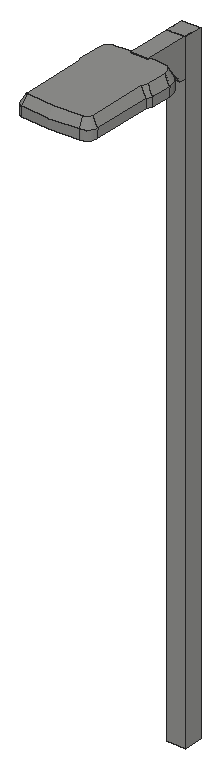
Revit family "VP-2-ADU", category Lighting Fixtures, host Face, Revit 2019
Family settings
  Host = Face
  Round Connector Dimension = Use Diameter
  Part Type = Normal
  OmniClass Number = 23.80.70.11.14.17
  OmniClass Title = Direct/Indirect
  Cut with Voids When Loaded = No
  Light Source = No
  Shared = Yes
  Room Calculation Point = No
Parameters (values of type "VP-2-ADU")
  Wattage Comments = "168 W"
  Warranty = "Five year warranty"  # constant formula
  Voltage = 120 V
  URL = "https://www.currentlighting.com/beacon"
  Type Comments = "Lighting Fixture"  # constant formula
  Size-2 = SIZE2-ADU : SIZE2-ADU
  Product Page URL = "https://www.currentlighting.com/outdoor-lighting/viper-area-size-2/9606404"
  Product Documentation Link = "https://cdn.currentlighting.com/site/specsheet/BEA_VIPERSPEC.pdf"
  Power Factor = 0.9
  Pole Width Mounting [instance] = Pole Size - 0.25"  # 3.25"
  Pole Height [instance] = 120.00"
  Name = "Viper Area Size 2"  # constant formula
  Model = "VP-2-ADU"
  Matt Grey = MATT GREY
  Matt Black = Matt Black
  Manufacturer = "Current Lighting"  # constant formula
  Load Classification = Lighting
  Light Output = 12704.00 cd/m²
  Lamp = "LED"  # constant formula
  Grey = Grey
  Glass = Glass
  Pole Size [instance] = 3.50"
  Features = "Featuring two different optical technologies, Micro Strike and Strike Optics, which provide the best distribution patterns for retrofit or new construction\r\nVibration rated for high vibration applications including bridges and overpasses\r\nControl options including photo control, occupancy sensing, NX Lighting Controls, wiSCAPE and 7-Pin with networked controls\r\nMounting options include: Arm, Universal Arm, Adjustable Arm, Mast Arm, Decorative Arm, Knuckle, Trunnion, Wall\r\nDistribution options include: Auto Front Row, Type 2, Type 3, Type 4 Forward, Type 4 Wide, Type 5 Narrow, Type 5 Medium, Type 5 Wide, Type 5 Rectangular, Corner Optic, and Tennis Court\r\n\r\n"  # constant formula
  Copyright = "© 2022 Current Lighting"  # constant formula
  Cool Grey = Cool Grey
  Contact Us = "https://www.currentlighting.com/contact-us"
  Certification = "UL"  # constant formula
  Description = "The Viper is an extremely versatile area/site luminaire which blends design, performance, and technology for a variety of applications."  # constant formula
  Default Elevation = 48.00"
  Finish = Arctic White
  Matt White = Matt White
  CRI = "70"  # constant formula
  Brand = "Beacon"  # constant formula
  Assembly Code = "D5020200"
  Apparent Load = 168 VA
Reference planes (in)
  plane 1 "Center (Front/Back)": y = 6.16697
  plane 2: z = 0
  plane 3 "Center (Left/Right)": x = 0
  plane 4: z = 3.75
  plane 5: z = -4.44
  plane 6: x = -1.75
  plane 7: x = 1.75
  plane 8: y = 4.41697
  plane 9: y = 7.91697
  plane 10: z = 120
Forms (in)
  Extrusion 1, solid, material "Cool Grey" <- "Cool Grey"
    sketch origin (0, 0, 0) x (1, 0, 0) y (0, 1, 0)
      loop
        line (-1.75, 7.91697) -> (-1.75, 4.41697) -> (1.75, 4.41697) -> (1.75, 7.91697) -> (-1.75, 7.91697)
    from 0 to 120
Lines and regions (in)
  reference lines
    curve 1: line (0, 14.42606, -3.25) -> (0, 17.42606, -0.25)
    curve 2: line (0, -2.09213, -3.25) -> (0, 14.42606, -3.25)
    curve 3: line (0, -5.09213, -0.25) -> (0, -2.09213, -3.25)
    curve 4: line (0, 14.42606, -3.25) -> (0, 17.42606, -0.25)
    curve 5: line (0, -5.09213, -0.25) -> (0, 17.42606, -0.25)
    curve 6: line (0, 17.17606, -0.77432) -> (0, 17.92606, -0.77432)
    curve 7: line (0, 17.17606, -1.52432) -> (0, 17.17606, -0.77432)
    curve 8: line (0, 16.69614, -1.52432) -> (0, 17.17606, -1.52432)
    curve 9: line (0, 14.92606, -4.25) -> (0, 16.69614, -1.52432)
    curve 10: line (0, -4.3622, -1.52432) -> (0, -2.59213, -4.25)
    curve 11: line (0, -4.84213, -1.52432) -> (0, -4.3622, -1.52432)
    curve 12: line (0, -4.84213, -0.77432) -> (0, -4.84213, -1.52432)
    curve 13: line (0, -5.59213, -0.77432) -> (0, -4.84213, -0.77432)
Dimensions and locks (in)
  plane 4 to plane 2 = 3.75"
  "Pole Size": plane 8 to plane 9
  equal spacing: plane 8, plane 1 "Center (Front/Back)", plane 9
  equal spacing: plane 6, plane 3 "Center (Left/Right)", plane 7
  "Pole Size": plane 6 to plane 7
  "Pole Height": plane 10 to plane 2
  aligned and locked: plane 2 to host face
  aligned and locked: level to host face
  aligned and locked: plane 10 to Extrusion 1
  aligned and locked: plane 3 "Center (Left/Right)" to nested 1
  aligned and locked: plane 9 to Extrusion 1 sketch curve
  aligned and locked: plane 6 to Extrusion 1 sketch curve
  aligned and locked: Extrusion 1 sketch curve to plane 8
  aligned and locked: Extrusion 1 sketch curve to plane 7
  aligned and locked: nested 1 to plane 10
Automatic sketch dimensions
  host sketch curve to host sketch curve = 96.00"
  host sketch curve to host sketch curve = 85.00"
  curve 3 to level = 0.25"
  plane 8 to curve 3 = 9.50909"
  curve 3 to curve 12 = 0.25"
  curve 11 to curve 11 = 0.47992"
  curve 2 to plane 5 = 1.19"
  curve 10 to curve 2 = 2.27008"
  curve 1 to plane 9 = 6.50909"
  curve 9 to level = 1.52432"
  curve 1 to curve 9 = 2.27008"
  curve 8 to curve 8 = 0.47992"
  curve 6 to curve 4 = 0.25"
  curve 10 to curve 3 = 1.27432"
  curve 7 to curve 1 = 0.52432"
  curve 12 to curve 3 = 0.52432"
  curve 13 to curve 3 = 0.50"
  curve 10 to plane 5 = 0.19"
  curve 10 to curve 2 = 0.50"
  curve 9 to plane 5 = 0.19"
  curve 1 to curve 9 = 0.50"
  curve 1 to curve 6 = 0.50"
Nested families (in)
  nested 1: "SIZE2-ADU" at (0, 4.41697, 118.26) x (1, 0, 0) z (0, -1, 0), type <- "Size-2", type "SIZE2-ADU"
    with Mounting Base Width 3.25"
Connectors (in)
  electrical at (0, 6.16697, 0), driven by "Power Factor", driven by "Apparent Load", driven by "Voltage"
    settings: on Extrusion 1, index 1, voltage 120 V, apparent load 168 VA, apparent load phase1 0 VA, apparent load phase2 0 VA, apparent load phase3 0 VA, power factor 0.9, load classification "Other", number of poles 1, system type 30, power factor state 1, is connector primary yes, connector utility no, sub classification motor no, connector description "Light Fixture"
Definition of nested family "SIZE2-ADU"
  Parameters (values of type "SIZE2-ADU")
    Width = 14.38"
    Wattage = 168 W
    built-in parameter 1150110 = 1 (stored number, unit not read)
    built-in parameter 1114217 = 1 (stored number, unit not read)
    Tilt Angle = 160.00°
    built-in parameter 1150109 = 1 (stored number, unit not read)
    built-in parameter 1150134 = 3
    built-in parameter 1150113 = 1 (stored number, unit not read)
    Photometric Web File = "VP-2-320L-170-3K7-4-BC.ies"
    Mounting Base Width = 3.00"
    Mount Length = 7.50"
    built-in parameter 1150105 = 1016 (stored number, unit not read)
    Lumens = 12768 lm
    built-in parameter 1150115 = 1 (stored number, unit not read)
    built-in parameter 1150137 = (empty or 0)
    built-in parameter 1150139 = (empty or 0)
    Length = 21.88"
    built-in parameter 1150112 = 1 (stored number, unit not read)
    built-in parameter 1150114 = 1 (stored number, unit not read)
    built-in parameter 1150132 = (empty or 0)
    built-in parameter 1150102 = (empty or 0)
    built-in parameter 1150107 = 3200 (stored number, unit not read)
    built-in parameter 1150138 = (empty or 0)
    built-in parameter 1150106 = 10.16 (stored number, unit not read)
    Glass = none
    Fixture = none
    built-in parameter 1150104 = 7.0606 (stored number, unit not read)
    Dimming Lamp Color Temperature Shift = (empty or 0)
    Default Elevation = 48.00"
    Color Filter = 16777215
    built-in parameter 1114218 = 1 (stored number, unit not read)
    built-in parameter 1150133 = 10 (stored number, unit not read)
  Reference planes (in)
    plane 1 "Center (Front/Back)": y = 0
    plane 2: z = 0
    plane 3 "Center (Left/Right)": x = 0
    plane 4: x = 7.19
    plane 5: x = -7.19
    plane 6: z = 7.5
    plane 7: z = 29.38
    plane 8: y = -1.74
    plane 9: y = 1.74
    plane 10: x = -1.5
    plane 11: x = 1.5
  Forms (in)
    Extrusion 1, solid
      sketch origin (0, 0, 0) x (1, 0, 0) y (0, 1, 0)
        loop
          line (-48, 48) -> (-48, -48) -> (48, -48) -> (48, 48) -> (-48, 48)
      from 0 to -12
    Extrusion 2, solid, material <- "Fixture"
      sketch origin (0, 0, 2.5) x (1, 0, 0) y (0, 0, 1)
        loop
          line (-6.90972, 13.22202) -> (-7.315, 12.17799) -> (-7.315, 8.14521)
          arc (-7.315, 8.14521) -> (-6.65907, 6.18733) -> (-4.95604, 5.01974) r 3.25
          arc (-4.95604, 5.01974) -> (0, 4.60164) -> (4.95604, 5.01974) r 29.58274
          arc (4.95604, 5.01974) -> (6.65907, 6.18733) -> (7.315, 8.14521) r 3.25
          line (7.315, 8.14521) -> (7.315, 12.17799) -> (6.8775, 13.30502) -> (6.8775, 24.46879)
          arc (6.8775, 24.46879) -> (6.31653, 25.85775) -> (4.9483, 26.46754) r 2
          arc (4.9483, 26.46754) -> (-0.47287, 26.80918) -> (-5.88692, 26.36884) r 37.73107
          arc (-5.88692, 26.36884) -> (-6.62058, 25.93919) -> (-6.90972, 25.13966) r 1.25
          line (-6.90972, 25.13966) -> (-6.90972, 13.22202)
      from 0 to 1.74
    Extrusion 3, void
      sketch origin (0, 0, 3.625) x (1, 0, 0) y (0, 0, 1)
        loop
          line (-5.94707, 9.88637) -> (-5.94707, 8.88637)
          arc (-5.94707, 8.88637) -> (-0.00354, 7.88584) -> (5.94, 8.88637) r 18.15382
          line (5.94, 8.88637) -> (5.94, 9.88637)
          arc (5.94, 9.88637) -> (-0.00354, 8.88584) -> (-5.94707, 9.88637) r 18.15382
        loop
          line (-5.85535, 7.87828) -> (-5.85535, 7.60486)
          arc (-5.85535, 7.60486) -> (0.0002, 6.63584) -> (5.85535, 7.60727) r 18.15382
          line (5.85535, 7.60727) -> (5.85535, 7.88068)
          arc (5.85535, 7.88068) -> (0.0002, 6.91466) -> (-5.85535, 7.87828) r 18.25
        loop
          line (-5.85535, 7.12828) -> (-5.85535, 6.85486)
          arc (-5.85535, 6.85486) -> (0.0002, 5.88584) -> (5.85535, 6.85727) r 18.15382
          line (5.85535, 6.85727) -> (5.85535, 7.13068)
          arc (5.85535, 7.13068) -> (0.0002, 6.16466) -> (-5.85535, 7.12828) r 18.25
      from 1 to 1.75
    Blend 4, solid, material <- "Fixture"
      base sketch origin (0, 0, 2.5) x (1, 0, 0) y (0, 0, 1)
        loop
          arc (6.8775, 24.46879) -> (6.31653, 25.85775) -> (4.9483, 26.46754) r 2
          arc (4.9483, 26.46754) -> (-0.47287, 26.80918) -> (-5.88692, 26.36884) r 37.73107
          arc (-5.88692, 26.36884) -> (-6.62058, 25.93919) -> (-6.90972, 25.13966) r 1.25
          line (-6.90972, 25.13966) -> (-6.90972, 13.22202) -> (-7.315, 12.17799) -> (-7.315, 8.14521)
          arc (-7.315, 8.14521) -> (-6.65907, 6.18733) -> (-4.95604, 5.01974) r 3.25
          arc (-4.95604, 5.01974) -> (0, 4.60164) -> (4.95604, 5.01974) r 29.58274
          arc (4.95604, 5.01974) -> (6.65907, 6.18733) -> (7.315, 8.14521) r 3.25
          line (7.315, 8.14521) -> (7.315, 12.17799) -> (6.8775, 13.30502) -> (6.8775, 24.46879)
      top sketch origin (0, 0, 2.5) x (1, 0, 0) y (0, 0, 1)
        loop
          arc (5.8775, 24.46879) -> (5.58249, 25.17801) -> (4.87152, 25.46878) r 1
          arc (4.87152, 25.46878) -> (-0.42416, 25.80959) -> (-5.71369, 25.38377) r 36.73111
          arc (-5.71369, 25.38377) -> (-5.85465, 25.2962) -> (-5.90972, 25.13966) r 0.25
          line (-5.90972, 25.13966) -> (-5.90972, 13.03474) -> (-6.315, 11.99071) -> (-6.315, 8.14521)
          arc (-6.315, 8.14521) -> (-5.87115, 6.80345) -> (-4.71471, 5.99106) r 2.25
          arc (-4.71471, 5.99106) -> (0, 5.59956) -> (4.71471, 5.99106) r 28.58482
          arc (4.71471, 5.99106) -> (5.87115, 6.80345) -> (6.315, 8.14521) r 2.25
          line (6.315, 8.14521) -> (6.315, 11.99071) -> (5.8775, 13.11774) -> (5.8775, 24.46879)
      from 0 to -1.74
    Extrusion 5, void
      sketch origin (0, 0, 2.5) x (1, 0, 0) y (0, 0, 1)
        loop
          arc (-5.91108, 12.63948) -> (0.07704, 12.98149) -> (6.065, 12.63674) r 52.38328
          line (6.065, 12.63674) -> (6.065, 24.56182) -> (-5.91108, 24.56182) -> (-5.91108, 12.63948)
      from 1 to 1.75
    Extrusion 6, solid, material <- "Glass"
      sketch origin (0, 0, 2.25) x (1, 0, 0) y (0, 0, 1)
        loop
          arc (-5.06487, 24.56182) -> (-5.31236, 24.45931) -> (-5.41487, 24.21182) r 0.35
          line (-5.41487, 24.21182) -> (-5.41487, 19.16182)
          arc (-5.41487, 19.16182) -> (-5.31236, 18.91434) -> (-5.06487, 18.81182) r 0.35
          line (-5.06487, 18.81182) -> (5.11803, 18.81182)
          arc (5.11803, 18.81182) -> (5.36552, 18.91434) -> (5.46803, 19.16182) r 0.35
          line (5.46803, 19.16182) -> (5.46803, 24.21182)
          arc (5.46803, 24.21182) -> (5.36552, 24.45931) -> (5.11803, 24.56182) r 0.35
          line (5.11803, 24.56182) -> (-5.06487, 24.56182)
      from 1 to 1.35
    Extrusion 7, solid, material <- "Glass"
      sketch origin (0, 0, 2.25) x (1, 0, 0) y (0, 0, 1)
        loop
          circle (-4.85829, 23.73694) r 0.15
        loop
          circle (-4.33955, 23.73694) r 0.15
        loop
          circle (-3.8208, 23.73694) r 0.15
        loop
          circle (-3.30205, 23.73694) r 0.15
        loop
          circle (-2.7833, 23.73694) r 0.15
        loop
          circle (-2.26455, 23.73694) r 0.15
        loop
          circle (-1.7458, 23.73694) r 0.15
        loop
          circle (-1.22705, 23.73694) r 0.15
        loop
          circle (-0.70831, 23.73694) r 0.15
        loop
          circle (-4.85829, 23.23694) r 0.15
        loop
          circle (-4.33955, 23.23694) r 0.15
        loop
          circle (-3.8208, 23.23694) r 0.15
        loop
          circle (-3.30205, 23.23694) r 0.15
        loop
          circle (-2.7833, 23.23694) r 0.15
        loop
          circle (-2.26455, 23.23694) r 0.15
        loop
          circle (-1.7458, 23.23694) r 0.15
        loop
          circle (-1.22705, 23.23694) r 0.15
        loop
          circle (-0.70831, 23.23694) r 0.15
        loop
          circle (-4.85829, 22.73694) r 0.15
        loop
          circle (-4.33955, 22.73694) r 0.15
        loop
          circle (-3.8208, 22.73694) r 0.15
        loop
          circle (-3.30205, 22.73694) r 0.15
        loop
          circle (-2.7833, 22.73694) r 0.15
        loop
          circle (-2.26455, 22.73694) r 0.15
        loop
          circle (-1.7458, 22.73694) r 0.15
        loop
          circle (-1.22705, 22.73694) r 0.15
        loop
          circle (-0.70831, 22.73694) r 0.15
        loop
          circle (-4.85829, 22.23694) r 0.15
        loop
          circle (-4.33955, 22.23694) r 0.15
        loop
          circle (-3.8208, 22.23694) r 0.15
        loop
          circle (-3.30205, 22.23694) r 0.15
        loop
          circle (-2.7833, 22.23694) r 0.15
        loop
          circle (-2.26455, 22.23694) r 0.15
        loop
          circle (-1.7458, 22.23694) r 0.15
        loop
          circle (-1.22705, 22.23694) r 0.15
        loop
          circle (-0.70831, 22.23694) r 0.15
        loop
          circle (-4.85829, 21.73694) r 0.15
        loop
          circle (-4.33955, 21.73694) r 0.15
        loop
          circle (-3.8208, 21.73694) r 0.15
        loop
          circle (-3.30205, 21.73694) r 0.15
        loop
          circle (-2.7833, 21.73694) r 0.15
        loop
          circle (-2.26455, 21.73694) r 0.15
        loop
          circle (-1.7458, 21.73694) r 0.15
        loop
          circle (-1.22705, 21.73694) r 0.15
        loop
          circle (-0.70831, 21.73694) r 0.15
        loop
          circle (-4.85829, 21.23694) r 0.15
        loop
          circle (-4.33955, 21.23694) r 0.15
        loop
          circle (-3.8208, 21.23694) r 0.15
        loop
          circle (-3.30205, 21.23694) r 0.15
        loop
          circle (-2.7833, 21.23694) r 0.15
        loop
          circle (-2.26455, 21.23694) r 0.15
        loop
          circle (-1.7458, 21.23694) r 0.15
        loop
          circle (-1.22705, 21.23694) r 0.15
        loop
          circle (-0.70831, 21.23694) r 0.15
        loop
          circle (-4.85829, 20.73694) r 0.15
        loop
          circle (-4.33955, 20.73694) r 0.15
        loop
          circle (-3.8208, 20.73694) r 0.15
        loop
          circle (-3.30205, 20.73694) r 0.15
        loop
          circle (-2.7833, 20.73694) r 0.15
        loop
          circle (-2.26455, 20.73694) r 0.15
        loop
          circle (-1.7458, 20.73694) r 0.15
        loop
          circle (-1.22705, 20.73694) r 0.15
        loop
          circle (-0.70831, 20.73694) r 0.15
        loop
          circle (-4.85829, 20.23694) r 0.15
        loop
          circle (-4.33955, 20.23694) r 0.15
        loop
          circle (-3.8208, 20.23694) r 0.15
        loop
          circle (-3.30205, 20.23694) r 0.15
        loop
          circle (-2.7833, 20.23694) r 0.15
        loop
          circle (-2.26455, 20.23694) r 0.15
        loop
          circle (-1.7458, 20.23694) r 0.15
        loop
          circle (-1.22705, 20.23694) r 0.15
        loop
          circle (-0.70831, 20.23694) r 0.15
        loop
          circle (-4.85829, 19.73694) r 0.15
        loop
          circle (-4.33955, 19.73694) r 0.15
        loop
          circle (-3.8208, 19.73694) r 0.15
        loop
          circle (-3.30205, 19.73694) r 0.15
        loop
          circle (-2.7833, 19.73694) r 0.15
        loop
          circle (-2.26455, 19.73694) r 0.15
        loop
          circle (-1.7458, 19.73694) r 0.15
        loop
          circle (-1.22705, 19.73694) r 0.15
        loop
          circle (-0.70831, 19.73694) r 0.15
      from 1.35 to 1.4
    Extrusion 8, solid, material <- "Glass"
      sketch origin (0, 0, 2.25) x (-1, 0, 0) y (0, 0, -1)
        loop
          circle (-4.85829, -23.73694) r 0.15
        loop
          circle (-4.33955, -23.73694) r 0.15
        loop
          circle (-3.8208, -23.73694) r 0.15
        loop
          circle (-3.30205, -23.73694) r 0.15
        loop
          circle (-2.7833, -23.73694) r 0.15
        loop
          circle (-2.26455, -23.73694) r 0.15
        loop
          circle (-1.7458, -23.73694) r 0.15
        loop
          circle (-1.22705, -23.73694) r 0.15
        loop
          circle (-0.70831, -23.73694) r 0.15
        loop
          circle (-4.85829, -23.23694) r 0.15
        loop
          circle (-4.33955, -23.23694) r 0.15
        loop
          circle (-3.8208, -23.23694) r 0.15
        loop
          circle (-3.30205, -23.23694) r 0.15
        loop
          circle (-2.7833, -23.23694) r 0.15
        loop
          circle (-2.26455, -23.23694) r 0.15
        loop
          circle (-1.7458, -23.23694) r 0.15
        loop
          circle (-1.22705, -23.23694) r 0.15
        loop
          circle (-0.70831, -23.23694) r 0.15
        loop
          circle (-4.85829, -22.73694) r 0.15
        loop
          circle (-4.33955, -22.73694) r 0.15
        loop
          circle (-3.8208, -22.73694) r 0.15
        loop
          circle (-3.30205, -22.73694) r 0.15
        loop
          circle (-2.7833, -22.73694) r 0.15
        loop
          circle (-2.26455, -22.73694) r 0.15
        loop
          circle (-1.7458, -22.73694) r 0.15
        loop
          circle (-1.22705, -22.73694) r 0.15
        loop
          circle (-0.70831, -22.73694) r 0.15
        loop
          circle (-4.85829, -22.23694) r 0.15
        loop
          circle (-4.33955, -22.23694) r 0.15
        loop
          circle (-3.8208, -22.23694) r 0.15
        loop
          circle (-3.30205, -22.23694) r 0.15
        loop
          circle (-2.7833, -22.23694) r 0.15
        loop
          circle (-2.26455, -22.23694) r 0.15
        loop
          circle (-1.7458, -22.23694) r 0.15
        loop
          circle (-1.22705, -22.23694) r 0.15
        loop
          circle (-0.70831, -22.23694) r 0.15
        loop
          circle (-4.85829, -21.73694) r 0.15
        loop
          circle (-4.33955, -21.73694) r 0.15
        loop
          circle (-3.8208, -21.73694) r 0.15
        loop
          circle (-3.30205, -21.73694) r 0.15
        loop
          circle (-2.7833, -21.73694) r 0.15
        loop
          circle (-2.26455, -21.73694) r 0.15
        loop
          circle (-1.7458, -21.73694) r 0.15
        loop
          circle (-1.22705, -21.73694) r 0.15
        loop
          circle (-0.70831, -21.73694) r 0.15
        loop
          circle (-4.85829, -21.23694) r 0.15
        loop
          circle (-4.33955, -21.23694) r 0.15
        loop
          circle (-3.8208, -21.23694) r 0.15
        loop
          circle (-3.30205, -21.23694) r 0.15
        loop
          circle (-2.7833, -21.23694) r 0.15
        loop
          circle (-2.26455, -21.23694) r 0.15
        loop
          circle (-1.7458, -21.23694) r 0.15
        loop
          circle (-1.22705, -21.23694) r 0.15
        loop
          circle (-0.70831, -21.23694) r 0.15
        loop
          circle (-4.85829, -20.73694) r 0.15
        loop
          circle (-4.33955, -20.73694) r 0.15
        loop
          circle (-3.8208, -20.73694) r 0.15
        loop
          circle (-3.30205, -20.73694) r 0.15
        loop
          circle (-2.7833, -20.73694) r 0.15
        loop
          circle (-2.26455, -20.73694) r 0.15
        loop
          circle (-1.7458, -20.73694) r 0.15
        loop
          circle (-1.22705, -20.73694) r 0.15
        loop
          circle (-0.70831, -20.73694) r 0.15
        loop
          circle (-4.85829, -20.23694) r 0.15
        loop
          circle (-4.33955, -20.23694) r 0.15
        loop
          circle (-3.8208, -20.23694) r 0.15
        loop
          circle (-3.30205, -20.23694) r 0.15
        loop
          circle (-2.7833, -20.23694) r 0.15
        loop
          circle (-2.26455, -20.23694) r 0.15
        loop
          circle (-1.7458, -20.23694) r 0.15
        loop
          circle (-1.22705, -20.23694) r 0.15
        loop
          circle (-0.70831, -20.23694) r 0.15
        loop
          circle (-4.85829, -19.73694) r 0.15
        loop
          circle (-4.33955, -19.73694) r 0.15
        loop
          circle (-3.8208, -19.73694) r 0.15
        loop
          circle (-3.30205, -19.73694) r 0.15
        loop
          circle (-2.7833, -19.73694) r 0.15
        loop
          circle (-2.26455, -19.73694) r 0.15
        loop
          circle (-1.7458, -19.73694) r 0.15
        loop
          circle (-1.22705, -19.73694) r 0.15
        loop
          circle (-0.70831, -19.73694) r 0.15
      from 1.35 to 1.4
    Extrusion 9, solid, material <- "Glass"
      sketch origin (0, 0, 2.25) x (1, 0, 0) y (0, 0, 1)
        loop
          arc (-5.04655, 24.2409) -> (-5.22333, 24.16768) -> (-5.29655, 23.9909) r 0.25
          line (-5.29655, 23.9909) -> (-5.29655, 19.4909)
          arc (-5.29655, 19.4909) -> (-5.22333, 19.31412) -> (-5.04655, 19.2409) r 0.25
          line (-5.04655, 19.2409) -> (-0.54655, 19.2409)
          arc (-0.54655, 19.2409) -> (-0.36977, 19.31412) -> (-0.29655, 19.4909) r 0.25
          line (-0.29655, 19.4909) -> (-0.29655, 23.9909)
          arc (-0.29655, 23.9909) -> (-0.36977, 24.16768) -> (-0.54655, 24.2409) r 0.25
          line (-0.54655, 24.2409) -> (-5.04655, 24.2409)
      from 1.35 to 1.37213
    Extrusion 10, solid, material <- "Glass"
      sketch origin (0, 0, 2.25) x (-1, 0, 0) y (0, 0, -1)
        loop
          line (-5.04655, -24.2409) -> (-0.54655, -24.2409)
          arc (-0.54655, -24.2409) -> (-0.36977, -24.16768) -> (-0.29655, -23.9909) r 0.25
          line (-0.29655, -23.9909) -> (-0.29655, -19.4909)
          arc (-0.29655, -19.4909) -> (-0.36977, -19.31412) -> (-0.54655, -19.2409) r 0.25
          line (-0.54655, -19.2409) -> (-5.04655, -19.2409)
          arc (-5.04655, -19.2409) -> (-5.22333, -19.31412) -> (-5.29655, -19.4909) r 0.25
          line (-5.29655, -19.4909) -> (-5.29655, -23.9909)
          arc (-5.29655, -23.9909) -> (-5.22333, -24.16768) -> (-5.04655, -24.2409) r 0.25
      from 1.35 to 1.37213
    Extrusion 11, solid, material <- "Fixture"
      sketch origin (0.125, 0, 2.125) x (1, 0, 0) y (0, 1, 0)
        loop
          line (5.34818, -1) -> (5.34818, -1.20146)
          arc (5.34818, -1.20146) -> (5.35492, -1.23973) -> (5.37436, -1.27339) r 0.1119
          line (5.37436, -1.27339) -> (5.73492, -1.70309)
          arc (5.73492, -1.70309) -> (5.76289, -1.72455) -> (5.79732, -1.73219) r 0.08147
          line (5.79732, -1.73219) -> (5.94, -1.73219) -> (5.94, -1) -> (5.34818, -1)
      from 18.55 to 18.65
    Extrusion 12, solid, material <- "Fixture"
      sketch origin (0.125, 0, 1.22261) x (1, 0, 0) y (0, 1, 0)
        loop
          line (5.34818, -1) -> (5.34818, -1.20146)
          arc (5.34818, -1.20146) -> (5.35492, -1.23973) -> (5.37436, -1.27339) r 0.1119
          line (5.37436, -1.27339) -> (5.73492, -1.70309)
          arc (5.73492, -1.70309) -> (5.76289, -1.72455) -> (5.79732, -1.73219) r 0.08147
          line (5.79732, -1.73219) -> (5.94, -1.73219) -> (5.94, -1) -> (5.34818, -1)
      from 18.55 to 18.65
    Extrusion 13, solid, material <- "Fixture"
      sketch origin (0.125, 0, 0.33079) x (1, 0, 0) y (0, 1, 0)
        loop
          line (5.34818, -1) -> (5.34818, -1.20146)
          arc (5.34818, -1.20146) -> (5.35492, -1.23973) -> (5.37436, -1.27339) r 0.1119
          line (5.37436, -1.27339) -> (5.73492, -1.70309)
          arc (5.73492, -1.70309) -> (5.76289, -1.72455) -> (5.79732, -1.73219) r 0.08147
          line (5.79732, -1.73219) -> (5.94, -1.73219) -> (5.94, -1) -> (5.34818, -1)
      from 18.55 to 18.65
    Extrusion 14, solid, material <- "Fixture"
      sketch origin (0.125, 0, -0.56103) x (1, 0, 0) y (0, 1, 0)
        loop
          line (5.34818, -1) -> (5.34818, -1.20146)
          arc (5.34818, -1.20146) -> (5.35492, -1.23973) -> (5.37436, -1.27339) r 0.1119
          line (5.37436, -1.27339) -> (5.73492, -1.70309)
          arc (5.73492, -1.70309) -> (5.76289, -1.72455) -> (5.79732, -1.73219) r 0.08147
          line (5.79732, -1.73219) -> (5.94, -1.73219) -> (5.94, -1) -> (5.34818, -1)
      from 18.55 to 18.65
    Extrusion 15, solid, material <- "Fixture"
      sketch origin (0.125, 0, -1.45181) x (1, 0, 0) y (0, 1, 0)
        loop
          line (5.34818, -1) -> (5.34818, -1.20146)
          arc (5.34818, -1.20146) -> (5.35492, -1.23973) -> (5.37436, -1.27339) r 0.1119
          line (5.37436, -1.27339) -> (5.73492, -1.70309)
          arc (5.73492, -1.70309) -> (5.76289, -1.72455) -> (5.79732, -1.73219) r 0.08147
          line (5.79732, -1.73219) -> (5.94, -1.73219) -> (5.94, -1) -> (5.34818, -1)
      from 18.55 to 18.65
    Extrusion 16, solid, material <- "Fixture"
      sketch origin (-0.125, 0, 2.125) x (-1, 0, 0) y (0, -1, 0)
        loop
          line (5.34818, 1) -> (5.94, 1) -> (5.94, 1.73219) -> (5.79732, 1.73219)
          arc (5.79732, 1.73219) -> (5.76289, 1.72455) -> (5.73492, 1.70309) r 0.08147
          line (5.73492, 1.70309) -> (5.37436, 1.27339)
          arc (5.37436, 1.27339) -> (5.35492, 1.23973) -> (5.34818, 1.20146) r 0.1119
          line (5.34818, 1.20146) -> (5.34818, 1)
      from 18.55 to 18.65
    Extrusion 17, solid, material <- "Fixture"
      sketch origin (-0.125, 0, 1.22261) x (-1, 0, 0) y (0, -1, 0)
        loop
          line (5.34818, 1) -> (5.94, 1) -> (5.94, 1.73219) -> (5.79732, 1.73219)
          arc (5.79732, 1.73219) -> (5.76289, 1.72455) -> (5.73492, 1.70309) r 0.08147
          line (5.73492, 1.70309) -> (5.37436, 1.27339)
          arc (5.37436, 1.27339) -> (5.35492, 1.23973) -> (5.34818, 1.20146) r 0.1119
          line (5.34818, 1.20146) -> (5.34818, 1)
      from 18.55 to 18.65
    Extrusion 18, solid, material <- "Fixture"
      sketch origin (-0.125, 0, 0.33079) x (-1, 0, 0) y (0, -1, 0)
        loop
          line (5.34818, 1) -> (5.94, 1) -> (5.94, 1.73219) -> (5.79732, 1.73219)
          arc (5.79732, 1.73219) -> (5.76289, 1.72455) -> (5.73492, 1.70309) r 0.08147
          line (5.73492, 1.70309) -> (5.37436, 1.27339)
          arc (5.37436, 1.27339) -> (5.35492, 1.23973) -> (5.34818, 1.20146) r 0.1119
          line (5.34818, 1.20146) -> (5.34818, 1)
      from 18.55 to 18.65
    Extrusion 19, solid, material <- "Fixture"
      sketch origin (-0.125, 0, -0.56103) x (-1, 0, 0) y (0, -1, 0)
        loop
          line (5.34818, 1) -> (5.94, 1) -> (5.94, 1.73219) -> (5.79732, 1.73219)
          arc (5.79732, 1.73219) -> (5.76289, 1.72455) -> (5.73492, 1.70309) r 0.08147
          line (5.73492, 1.70309) -> (5.37436, 1.27339)
          arc (5.37436, 1.27339) -> (5.35492, 1.23973) -> (5.34818, 1.20146) r 0.1119
          line (5.34818, 1.20146) -> (5.34818, 1)
      from 18.55 to 18.65
    Extrusion 20, solid, material <- "Fixture"
      sketch origin (-0.125, 0, -1.45181) x (-1, 0, 0) y (0, -1, 0)
        loop
          line (5.34818, 1) -> (5.94, 1) -> (5.94, 1.73219) -> (5.79732, 1.73219)
          arc (5.79732, 1.73219) -> (5.76289, 1.72455) -> (5.73492, 1.70309) r 0.08147
          line (5.73492, 1.70309) -> (5.37436, 1.27339)
          arc (5.37436, 1.27339) -> (5.35492, 1.23973) -> (5.34818, 1.20146) r 0.1119
          line (5.34818, 1.20146) -> (5.34818, 1)
      from 18.55 to 18.65
    Extrusion 21, solid, material <- "Fixture"
      sketch origin (0.125, 0, 7.25) x (1, 0, 0) y (0, 1, 0)
        loop
          line (5.34818, -1) -> (5.34818, -1.20146)
          arc (5.34818, -1.20146) -> (5.35492, -1.23973) -> (5.37436, -1.27339) r 0.1119
          line (5.37436, -1.27339) -> (5.73492, -1.70309)
          arc (5.73492, -1.70309) -> (5.76289, -1.72455) -> (5.79732, -1.73219) r 0.08147
          line (5.79732, -1.73219) -> (5.94, -1.73219) -> (5.94, -1) -> (5.34818, -1)
      from 18.55 to 18.65
    Extrusion 22, solid, material <- "Fixture"
      sketch origin (0.125, 0, 6.34761) x (1, 0, 0) y (0, 1, 0)
        loop
          line (5.34818, -1) -> (5.34818, -1.20146)
          arc (5.34818, -1.20146) -> (5.35492, -1.23973) -> (5.37436, -1.27339) r 0.1119
          line (5.37436, -1.27339) -> (5.73492, -1.70309)
          arc (5.73492, -1.70309) -> (5.76289, -1.72455) -> (5.79732, -1.73219) r 0.08147
          line (5.79732, -1.73219) -> (5.94, -1.73219) -> (5.94, -1) -> (5.34818, -1)
      from 18.55 to 18.65
    Extrusion 23, solid, material <- "Fixture"
      sketch origin (0.125, 0, 5.45579) x (1, 0, 0) y (0, 1, 0)
        loop
          line (5.34818, -1) -> (5.34818, -1.20146)
          arc (5.34818, -1.20146) -> (5.35492, -1.23973) -> (5.37436, -1.27339) r 0.1119
          line (5.37436, -1.27339) -> (5.73492, -1.70309)
          arc (5.73492, -1.70309) -> (5.76289, -1.72455) -> (5.79732, -1.73219) r 0.08147
          line (5.79732, -1.73219) -> (5.94, -1.73219) -> (5.94, -1) -> (5.34818, -1)
      from 18.55 to 18.65
    Extrusion 24, solid, material <- "Fixture"
      sketch origin (0.125, 0, 4.56397) x (1, 0, 0) y (0, 1, 0)
        loop
          line (5.34818, -1) -> (5.34818, -1.20146)
          arc (5.34818, -1.20146) -> (5.35492, -1.23973) -> (5.37436, -1.27339) r 0.1119
          line (5.37436, -1.27339) -> (5.73492, -1.70309)
          arc (5.73492, -1.70309) -> (5.76289, -1.72455) -> (5.79732, -1.73219) r 0.08147
          line (5.79732, -1.73219) -> (5.94, -1.73219) -> (5.94, -1) -> (5.34818, -1)
      from 18.55 to 18.65
    Extrusion 25, solid, material <- "Fixture"
      sketch origin (0.125, 0, 3.67319) x (1, 0, 0) y (0, 1, 0)
        loop
          line (5.34818, -1) -> (5.34818, -1.20146)
          arc (5.34818, -1.20146) -> (5.35492, -1.23973) -> (5.37436, -1.27339) r 0.1119
          line (5.37436, -1.27339) -> (5.73492, -1.70309)
          arc (5.73492, -1.70309) -> (5.76289, -1.72455) -> (5.79732, -1.73219) r 0.08147
          line (5.79732, -1.73219) -> (5.94, -1.73219) -> (5.94, -1) -> (5.34818, -1)
      from 18.55 to 18.65
    Extrusion 26, solid, material <- "Fixture"
      sketch origin (-0.125, 0, 7.25) x (-1, 0, 0) y (0, -1, 0)
        loop
          line (5.34818, 1) -> (5.94, 1) -> (5.94, 1.73219) -> (5.79732, 1.73219)
          arc (5.79732, 1.73219) -> (5.76289, 1.72455) -> (5.73492, 1.70309) r 0.08147
          line (5.73492, 1.70309) -> (5.37436, 1.27339)
          arc (5.37436, 1.27339) -> (5.35492, 1.23973) -> (5.34818, 1.20146) r 0.1119
          line (5.34818, 1.20146) -> (5.34818, 1)
      from 18.55 to 18.65
    Extrusion 27, solid, material <- "Fixture"
      sketch origin (-0.125, 0, 6.34761) x (-1, 0, 0) y (0, -1, 0)
        loop
          line (5.34818, 1) -> (5.94, 1) -> (5.94, 1.73219) -> (5.79732, 1.73219)
          arc (5.79732, 1.73219) -> (5.76289, 1.72455) -> (5.73492, 1.70309) r 0.08147
          line (5.73492, 1.70309) -> (5.37436, 1.27339)
          arc (5.37436, 1.27339) -> (5.35492, 1.23973) -> (5.34818, 1.20146) r 0.1119
          line (5.34818, 1.20146) -> (5.34818, 1)
      from 18.55 to 18.65
    Extrusion 28, solid, material <- "Fixture"
      sketch origin (-0.125, 0, 5.45579) x (-1, 0, 0) y (0, -1, 0)
        loop
          line (5.34818, 1) -> (5.94, 1) -> (5.94, 1.73219) -> (5.79732, 1.73219)
          arc (5.79732, 1.73219) -> (5.76289, 1.72455) -> (5.73492, 1.70309) r 0.08147
          line (5.73492, 1.70309) -> (5.37436, 1.27339)
          arc (5.37436, 1.27339) -> (5.35492, 1.23973) -> (5.34818, 1.20146) r 0.1119
          line (5.34818, 1.20146) -> (5.34818, 1)
      from 18.55 to 18.65
    Extrusion 29, solid, material <- "Fixture"
      sketch origin (-0.125, 0, 4.56397) x (-1, 0, 0) y (0, -1, 0)
        loop
          line (5.34818, 1) -> (5.94, 1) -> (5.94, 1.73219) -> (5.79732, 1.73219)
          arc (5.79732, 1.73219) -> (5.76289, 1.72455) -> (5.73492, 1.70309) r 0.08147
          line (5.73492, 1.70309) -> (5.37436, 1.27339)
          arc (5.37436, 1.27339) -> (5.35492, 1.23973) -> (5.34818, 1.20146) r 0.1119
          line (5.34818, 1.20146) -> (5.34818, 1)
      from 18.55 to 18.65
    Extrusion 30, solid, material <- "Fixture"
      sketch origin (-0.125, 0, 3.67319) x (-1, 0, 0) y (0, -1, 0)
        loop
          line (5.34818, 1) -> (5.94, 1) -> (5.94, 1.73219) -> (5.79732, 1.73219)
          arc (5.79732, 1.73219) -> (5.76289, 1.72455) -> (5.73492, 1.70309) r 0.08147
          line (5.73492, 1.70309) -> (5.37436, 1.27339)
          arc (5.37436, 1.27339) -> (5.35492, 1.23973) -> (5.34818, 1.20146) r 0.1119
          line (5.34818, 1.20146) -> (5.34818, 1)
      from 18.55 to 18.65
    Extrusion 31, solid, material <- "Glass"
      sketch origin (0, 0, -3.5) x (1, 0, 0) y (0, 0, 1)
        loop
          arc (-5.06487, 24.56182) -> (-5.31236, 24.45931) -> (-5.41487, 24.21182) r 0.35
          line (-5.41487, 24.21182) -> (-5.41487, 19.16182)
          arc (-5.41487, 19.16182) -> (-5.31236, 18.91434) -> (-5.06487, 18.81182) r 0.35
          line (-5.06487, 18.81182) -> (5.11803, 18.81182)
          arc (5.11803, 18.81182) -> (5.36552, 18.91434) -> (5.46803, 19.16182) r 0.35
          line (5.46803, 19.16182) -> (5.46803, 24.21182)
          arc (5.46803, 24.21182) -> (5.36552, 24.45931) -> (5.11803, 24.56182) r 0.35
          line (5.11803, 24.56182) -> (-5.06487, 24.56182)
      from 1 to 1.35
    Extrusion 32, solid, material <- "Glass"
      sketch origin (0, 0, -3.5) x (1, 0, 0) y (0, 0, 1)
        loop
          circle (-4.85829, 23.73694) r 0.15
        loop
          circle (-4.33955, 23.73694) r 0.15
        loop
          circle (-3.8208, 23.73694) r 0.15
        loop
          circle (-3.30205, 23.73694) r 0.15
        loop
          circle (-2.7833, 23.73694) r 0.15
        loop
          circle (-2.26455, 23.73694) r 0.15
        loop
          circle (-1.7458, 23.73694) r 0.15
        loop
          circle (-1.22705, 23.73694) r 0.15
        loop
          circle (-0.70831, 23.73694) r 0.15
        loop
          circle (-4.85829, 23.23694) r 0.15
        loop
          circle (-4.33955, 23.23694) r 0.15
        loop
          circle (-3.8208, 23.23694) r 0.15
        loop
          circle (-3.30205, 23.23694) r 0.15
        loop
          circle (-2.7833, 23.23694) r 0.15
        loop
          circle (-2.26455, 23.23694) r 0.15
        loop
          circle (-1.7458, 23.23694) r 0.15
        loop
          circle (-1.22705, 23.23694) r 0.15
        loop
          circle (-0.70831, 23.23694) r 0.15
        loop
          circle (-4.85829, 22.73694) r 0.15
        loop
          circle (-4.33955, 22.73694) r 0.15
        loop
          circle (-3.8208, 22.73694) r 0.15
        loop
          circle (-3.30205, 22.73694) r 0.15
        loop
          circle (-2.7833, 22.73694) r 0.15
        loop
          circle (-2.26455, 22.73694) r 0.15
        loop
          circle (-1.7458, 22.73694) r 0.15
        loop
          circle (-1.22705, 22.73694) r 0.15
        loop
          circle (-0.70831, 22.73694) r 0.15
        loop
          circle (-4.85829, 22.23694) r 0.15
        loop
          circle (-4.33955, 22.23694) r 0.15
        loop
          circle (-3.8208, 22.23694) r 0.15
        loop
          circle (-3.30205, 22.23694) r 0.15
        loop
          circle (-2.7833, 22.23694) r 0.15
        loop
          circle (-2.26455, 22.23694) r 0.15
        loop
          circle (-1.7458, 22.23694) r 0.15
        loop
          circle (-1.22705, 22.23694) r 0.15
        loop
          circle (-0.70831, 22.23694) r 0.15
        loop
          circle (-4.85829, 21.73694) r 0.15
        loop
          circle (-4.33955, 21.73694) r 0.15
        loop
          circle (-3.8208, 21.73694) r 0.15
        loop
          circle (-3.30205, 21.73694) r 0.15
        loop
          circle (-2.7833, 21.73694) r 0.15
        loop
          circle (-2.26455, 21.73694) r 0.15
        loop
          circle (-1.7458, 21.73694) r 0.15
        loop
          circle (-1.22705, 21.73694) r 0.15
        loop
          circle (-0.70831, 21.73694) r 0.15
        loop
          circle (-4.85829, 21.23694) r 0.15
        loop
          circle (-4.33955, 21.23694) r 0.15
        loop
          circle (-3.8208, 21.23694) r 0.15
        loop
          circle (-3.30205, 21.23694) r 0.15
        loop
          circle (-2.7833, 21.23694) r 0.15
        loop
          circle (-2.26455, 21.23694) r 0.15
        loop
          circle (-1.7458, 21.23694) r 0.15
        loop
          circle (-1.22705, 21.23694) r 0.15
        loop
          circle (-0.70831, 21.23694) r 0.15
        loop
          circle (-4.85829, 20.73694) r 0.15
        loop
          circle (-4.33955, 20.73694) r 0.15
        loop
          circle (-3.8208, 20.73694) r 0.15
        loop
          circle (-3.30205, 20.73694) r 0.15
        loop
          circle (-2.7833, 20.73694) r 0.15
        loop
          circle (-2.26455, 20.73694) r 0.15
        loop
          circle (-1.7458, 20.73694) r 0.15
        loop
          circle (-1.22705, 20.73694) r 0.15
        loop
          circle (-0.70831, 20.73694) r 0.15
        loop
          circle (-4.85829, 20.23694) r 0.15
        loop
          circle (-4.33955, 20.23694) r 0.15
        loop
          circle (-3.8208, 20.23694) r 0.15
        loop
          circle (-3.30205, 20.23694) r 0.15
        loop
          circle (-2.7833, 20.23694) r 0.15
        loop
          circle (-2.26455, 20.23694) r 0.15
        loop
          circle (-1.7458, 20.23694) r 0.15
        loop
          circle (-1.22705, 20.23694) r 0.15
        loop
          circle (-0.70831, 20.23694) r 0.15
        loop
          circle (-4.85829, 19.73694) r 0.15
        loop
          circle (-4.33955, 19.73694) r 0.15
        loop
          circle (-3.8208, 19.73694) r 0.15
        loop
          circle (-3.30205, 19.73694) r 0.15
        loop
          circle (-2.7833, 19.73694) r 0.15
        loop
          circle (-2.26455, 19.73694) r 0.15
        loop
          circle (-1.7458, 19.73694) r 0.15
        loop
          circle (-1.22705, 19.73694) r 0.15
        loop
          circle (-0.70831, 19.73694) r 0.15
      from 1.35 to 1.4
    Extrusion 33, solid, material <- "Glass"
      sketch origin (0, 0, -3.5) x (-1, 0, 0) y (0, 0, -1)
        loop
          circle (-4.85829, -23.73694) r 0.15
        loop
          circle (-4.33955, -23.73694) r 0.15
        loop
          circle (-3.8208, -23.73694) r 0.15
        loop
          circle (-3.30205, -23.73694) r 0.15
        loop
          circle (-2.7833, -23.73694) r 0.15
        loop
          circle (-2.26455, -23.73694) r 0.15
        loop
          circle (-1.7458, -23.73694) r 0.15
        loop
          circle (-1.22705, -23.73694) r 0.15
        loop
          circle (-0.70831, -23.73694) r 0.15
        loop
          circle (-4.85829, -23.23694) r 0.15
        loop
          circle (-4.33955, -23.23694) r 0.15
        loop
          circle (-3.8208, -23.23694) r 0.15
        loop
          circle (-3.30205, -23.23694) r 0.15
        loop
          circle (-2.7833, -23.23694) r 0.15
        loop
          circle (-2.26455, -23.23694) r 0.15
        loop
          circle (-1.7458, -23.23694) r 0.15
        loop
          circle (-1.22705, -23.23694) r 0.15
        loop
          circle (-0.70831, -23.23694) r 0.15
        loop
          circle (-4.85829, -22.73694) r 0.15
        loop
          circle (-4.33955, -22.73694) r 0.15
        loop
          circle (-3.8208, -22.73694) r 0.15
        loop
          circle (-3.30205, -22.73694) r 0.15
        loop
          circle (-2.7833, -22.73694) r 0.15
        loop
          circle (-2.26455, -22.73694) r 0.15
        loop
          circle (-1.7458, -22.73694) r 0.15
        loop
          circle (-1.22705, -22.73694) r 0.15
        loop
          circle (-0.70831, -22.73694) r 0.15
        loop
          circle (-4.85829, -22.23694) r 0.15
        loop
          circle (-4.33955, -22.23694) r 0.15
        loop
          circle (-3.8208, -22.23694) r 0.15
        loop
          circle (-3.30205, -22.23694) r 0.15
        loop
          circle (-2.7833, -22.23694) r 0.15
        loop
          circle (-2.26455, -22.23694) r 0.15
        loop
          circle (-1.7458, -22.23694) r 0.15
        loop
          circle (-1.22705, -22.23694) r 0.15
        loop
          circle (-0.70831, -22.23694) r 0.15
        loop
          circle (-4.85829, -21.73694) r 0.15
        loop
          circle (-4.33955, -21.73694) r 0.15
        loop
          circle (-3.8208, -21.73694) r 0.15
        loop
          circle (-3.30205, -21.73694) r 0.15
        loop
          circle (-2.7833, -21.73694) r 0.15
        loop
          circle (-2.26455, -21.73694) r 0.15
        loop
          circle (-1.7458, -21.73694) r 0.15
        loop
          circle (-1.22705, -21.73694) r 0.15
        loop
          circle (-0.70831, -21.73694) r 0.15
        loop
          circle (-4.85829, -21.23694) r 0.15
        loop
          circle (-4.33955, -21.23694) r 0.15
        loop
          circle (-3.8208, -21.23694) r 0.15
        loop
          circle (-3.30205, -21.23694) r 0.15
        loop
          circle (-2.7833, -21.23694) r 0.15
        loop
          circle (-2.26455, -21.23694) r 0.15
        loop
          circle (-1.7458, -21.23694) r 0.15
        loop
          circle (-1.22705, -21.23694) r 0.15
        loop
          circle (-0.70831, -21.23694) r 0.15
        loop
          circle (-4.85829, -20.73694) r 0.15
        loop
          circle (-4.33955, -20.73694) r 0.15
        loop
          circle (-3.8208, -20.73694) r 0.15
        loop
          circle (-3.30205, -20.73694) r 0.15
        loop
          circle (-2.7833, -20.73694) r 0.15
        loop
          circle (-2.26455, -20.73694) r 0.15
        loop
          circle (-1.7458, -20.73694) r 0.15
        loop
          circle (-1.22705, -20.73694) r 0.15
        loop
          circle (-0.70831, -20.73694) r 0.15
        loop
          circle (-4.85829, -20.23694) r 0.15
        loop
          circle (-4.33955, -20.23694) r 0.15
        loop
          circle (-3.8208, -20.23694) r 0.15
        loop
          circle (-3.30205, -20.23694) r 0.15
        loop
          circle (-2.7833, -20.23694) r 0.15
        loop
          circle (-2.26455, -20.23694) r 0.15
        loop
          circle (-1.7458, -20.23694) r 0.15
        loop
          circle (-1.22705, -20.23694) r 0.15
        loop
          circle (-0.70831, -20.23694) r 0.15
        loop
          circle (-4.85829, -19.73694) r 0.15
        loop
          circle (-4.33955, -19.73694) r 0.15
        loop
          circle (-3.8208, -19.73694) r 0.15
        loop
          circle (-3.30205, -19.73694) r 0.15
        loop
          circle (-2.7833, -19.73694) r 0.15
        loop
          circle (-2.26455, -19.73694) r 0.15
        loop
          circle (-1.7458, -19.73694) r 0.15
        loop
          circle (-1.22705, -19.73694) r 0.15
        loop
          circle (-0.70831, -19.73694) r 0.15
      from 1.35 to 1.4
    Extrusion 34, solid, material <- "Glass"
      sketch origin (0, 0, -3.5) x (1, 0, 0) y (0, 0, 1)
        loop
          arc (-5.04655, 24.2409) -> (-5.22333, 24.16768) -> (-5.29655, 23.9909) r 0.25
          line (-5.29655, 23.9909) -> (-5.29655, 19.4909)
          arc (-5.29655, 19.4909) -> (-5.22333, 19.31412) -> (-5.04655, 19.2409) r 0.25
          line (-5.04655, 19.2409) -> (-0.54655, 19.2409)
          arc (-0.54655, 19.2409) -> (-0.36977, 19.31412) -> (-0.29655, 19.4909) r 0.25
          line (-0.29655, 19.4909) -> (-0.29655, 23.9909)
          arc (-0.29655, 23.9909) -> (-0.36977, 24.16768) -> (-0.54655, 24.2409) r 0.25
          line (-0.54655, 24.2409) -> (-5.04655, 24.2409)
      from 1.35 to 1.37213
    Extrusion 35, solid, material <- "Glass"
      sketch origin (0, 0, -3.5) x (-1, 0, 0) y (0, 0, -1)
        loop
          line (-5.04655, -24.2409) -> (-0.54655, -24.2409)
          arc (-0.54655, -24.2409) -> (-0.36977, -24.16768) -> (-0.29655, -23.9909) r 0.25
          line (-0.29655, -23.9909) -> (-0.29655, -19.4909)
          arc (-0.29655, -19.4909) -> (-0.36977, -19.31412) -> (-0.54655, -19.2409) r 0.25
          line (-0.54655, -19.2409) -> (-5.04655, -19.2409)
          arc (-5.04655, -19.2409) -> (-5.22333, -19.31412) -> (-5.29655, -19.4909) r 0.25
          line (-5.29655, -19.4909) -> (-5.29655, -23.9909)
          arc (-5.29655, -23.9909) -> (-5.22333, -24.16768) -> (-5.04655, -24.2409) r 0.25
      from 1.35 to 1.37213
    Extrusion 36, solid, material <- "Fixture"
      sketch origin (0, 0, 0) x (0, 1, 0) y (0, 0, 1)
        loop
          line (1.74, -1.406) -> (1.74, 8.68918) -> (-1.74, 8.68918) -> (-1.74, 4.90502)
          arc (-1.74, 4.90502) -> (-1.95004, 4.01281) -> (-2.53603, 3.308) r 2
          line (-2.53603, 3.308) -> (-5.432, 1.12478) -> (-5.432, -1.406) -> (1.74, -1.406)
      from -1.5 to 1.5
  Cuts and joins
    Extrusion 3, Extrusion 5 cuts Extrusion 2
    Extrusion 5 cuts Blend 4
    joined: Extrusion 2, Blend 4
  Dimensions and locks (in)
    equal spacing: plane 4, plane 3 "Center (Left/Right)", plane 5
    "Width": plane 4 to plane 5
    "Length": plane 7 to plane 6
    "Mount Length": plane 6 to plane 2
    equal spacing: plane 11, plane 3 "Center (Left/Right)", plane 10
    "Mounting Base Width": plane 11 to plane 10
    aligned and locked: plane 2 to Extrusion 1
    aligned and locked: level to Extrusion 1
    aligned and locked: Extrusion 36 to plane 10
    aligned and locked: plane 11 to Extrusion 36
  Automatic sketch dimensions
    Extrusion 1 sketch curve to Extrusion 1 sketch curve = 96.00"  (x2)
    Extrusion 2 sketch curve to plane 3 "Center (Left/Right)" = 0.00"
    Extrusion 2 sketch curve to plane 3 "Center (Left/Right)" = 0.12919"
    plane 5 to Extrusion 2 sketch curve = 3.125"
    plane 5 to Extrusion 2 sketch curve = 1.53028"
    plane 5 to Extrusion 2 sketch curve = 0.28028"
    Extrusion 2 sketch curve to plane 5 = 0.125"
    Extrusion 2 sketch curve to plane 4 = 3.125"
    Extrusion 2 sketch curve to plane 4 = 2.3125"
    Extrusion 2 sketch curve to plane 4 = 0.3125"
    plane 4 to Extrusion 2 sketch curve = 0.125"
    Extrusion 2 sketch curve to level = 8.42033"
    plane 6 to Extrusion 2 sketch curve = 3.14521"
    Extrusion 2 sketch curve to Extrusion 2 sketch curve = 0.00"
    Extrusion 2 sketch curve to Extrusion 2 sketch curve = 4.03278"  (x2)
    Extrusion 2 sketch curve to Extrusion 2 sketch curve = 1.04403"
    Extrusion 2 sketch curve to Extrusion 2 sketch curve = 1.12703"
    Extrusion 2 sketch curve to plane 7 = 2.41121"
    Extrusion 2 sketch curve to Extrusion 2 sketch curve = 0.67087"
    plane 7 to Extrusion 2 sketch curve = 7.30438"
    plane 6 to Extrusion 2 sketch curve = 0.01974"
    Extrusion 2 sketch curve to plane 7 = 0.51116"
    plane 5 to Extrusion 3 sketch curve = 1.24293"
    plane 5 to Extrusion 3 sketch curve = 1.33465"
    Extrusion 3 sketch curve to Extrusion 3 sketch curve = 0.00"  (x2)
    Extrusion 3 sketch curve to plane 3 "Center (Left/Right)" = 0.00354"  (x6)
    Extrusion 3 sketch curve to plane 4 = 1.33465"
    Extrusion 3 sketch curve to plane 4 = 1.25"
    plane 6 to Extrusion 3 sketch curve = 2.97986"
    level to Extrusion 3 sketch curve = 10.48227"
    Extrusion 3 sketch curve to Extrusion 3 sketch curve = 0.27343"  (x2)
    Extrusion 3 sketch curve to Extrusion 3 sketch curve = 0.27341"  (x2)
    Extrusion 3 sketch curve to Extrusion 3 sketch curve = 0.47657"
    Extrusion 3 sketch curve to Extrusion 3 sketch curve = 0.47659"
    Extrusion 3 sketch curve to Extrusion 3 sketch curve = 1.00808"
    Extrusion 3 sketch curve to Extrusion 3 sketch curve = 1.00"
    plane 7 to Extrusion 3 sketch curve = 0.28466"
    plane 7 to Extrusion 3 sketch curve = 1.28466"
    Blend 4 sketch curve to plane 3 "Center (Left/Right)" = 0.00"  (x2)
    Blend 4 sketch curve to plane 3 "Center (Left/Right)" = 0.12919"  (x2)
    plane 5 to Blend 4 sketch curve = 3.125"  (x2)
    plane 5 to Blend 4 sketch curve = 1.53028"  (x2)
    plane 5 to Blend 4 sketch curve = 0.28028"
    Blend 4 sketch curve to plane 5 = 0.125"
    Blend 4 sketch curve to plane 4 = 3.125"  (x2)
    Blend 4 sketch curve to plane 4 = 2.3125"  (x2)
    Blend 4 sketch curve to plane 4 = 0.3125"
    plane 4 to Blend 4 sketch curve = 0.125"
    Blend 4 sketch curve to level = 8.42033"  (x2)
    plane 6 to Blend 4 sketch curve = 3.14521"  (x2)
    level to Blend 4 sketch curve = 10.64521"  (x2)
    Blend 4 sketch curve to Blend 4 sketch curve = 4.03278"  (x2)
    Blend 4 sketch curve to Blend 4 sketch curve = 1.04403"  (x2)
    Blend 4 sketch curve to Blend 4 sketch curve = 1.12703"  (x2)
    Blend 4 sketch curve to plane 7 = 2.41121"  (x2)
    Blend 4 sketch curve to Blend 4 sketch curve = 0.67087"  (x2)
    plane 7 to Blend 4 sketch curve = 7.30438"  (x2)
    plane 6 to Blend 4 sketch curve = 0.01974"
    Blend 4 sketch curve to plane 7 = 0.51116"
    Blend 4 sketch curve to Blend 4 sketch curve = 0.25"
    plane 5 to Blend 4 sketch curve = 0.875"
    Blend 4 sketch curve to plane 4 = 1.3125"
    Blend 4 sketch curve to plane 4 = 0.875"
    Blend 4 sketch curve to Blend 4 sketch curve = 3.8455"  (x2)
    plane 6 to Blend 4 sketch curve = 0.99106"
    Blend 4 sketch curve to Blend 4 sketch curve = 0.05397"
    plane 5 to Extrusion 5 sketch curve = 1.27892"
    plane 3 "Center (Left/Right)" to Extrusion 5 sketch curve = 0.06506"
    Extrusion 5 sketch curve to plane 4 = 1.125"
    Extrusion 5 sketch curve to level = 36.9018"
    plane 6 to Extrusion 5 sketch curve = 7.63674"
    Extrusion 5 sketch curve to plane 7 = 2.31818"
    plane 5 to Extrusion 6 sketch curve = 1.77513"
    Extrusion 6 sketch curve to Extrusion 6 sketch curve = 0.35"  (x3)
    Extrusion 6 sketch curve to plane 4 = 2.07197"  (x2)
    Extrusion 6 sketch curve to plane 7 = 8.31818"
    Extrusion 6 sketch curve to plane 7 = 2.91818"
    plane 5 to Extrusion 7 sketch curve = 2.33171"
    Extrusion 7 sketch curve to Extrusion 7 sketch curve = 0.00"  (x61)
    Extrusion 7 sketch curve to Extrusion 7 sketch curve = 0.51875"  (x27)
    Extrusion 7 sketch curve to plane 7 = 7.39306"
    Extrusion 7 sketch curve to Extrusion 7 sketch curve = 0.50"  (x72)
    plane 4 to Extrusion 8 sketch curve = 2.33171"
    Extrusion 8 sketch curve to Extrusion 8 sketch curve = 0.00"  (x61)
    Extrusion 8 sketch curve to Extrusion 8 sketch curve = 0.51875"  (x27)
    plane 7 to Extrusion 8 sketch curve = 7.39306"
    Extrusion 8 sketch curve to Extrusion 8 sketch curve = 0.50"  (x72)
    plane 5 to Extrusion 9 sketch curve = 1.89345"
    Extrusion 9 sketch curve to Extrusion 9 sketch curve = 0.25"  (x3)
    Extrusion 9 sketch curve to plane 3 "Center (Left/Right)" = 0.54655"  (x2)
    Extrusion 9 sketch curve to plane 7 = 7.8891"
    Extrusion 9 sketch curve to plane 7 = 3.1391"
    plane 4 to Extrusion 10 sketch curve = 1.89345"
    Extrusion 10 sketch curve to Extrusion 10 sketch curve = 0.25"  (x3)
    Extrusion 10 sketch curve to plane 3 "Center (Left/Right)" = 0.54655"  (x2)
    plane 7 to Extrusion 10 sketch curve = 7.8891"
    plane 7 to Extrusion 10 sketch curve = 3.1391"
    Extrusion 11 sketch curve to plane 4 = 1.71682"
    Extrusion 11 sketch curve to plane 8 = 0.46661"
    Extrusion 11 sketch curve to Extrusion 11 sketch curve = 0.02618"
    Extrusion 11 sketch curve to Extrusion 11 sketch curve = 0.1119"
    Extrusion 11 sketch curve to plane 8 = 0.03691"
    Extrusion 11 sketch curve to Extrusion 11 sketch curve = 0.36056"
    Extrusion 11 sketch curve to plane 8 = 0.00781"
    Extrusion 11 sketch curve to Extrusion 11 sketch curve = 0.06241"
    Extrusion 11 sketch curve to Extrusion 11 sketch curve = 0.47992"
    Extrusion 11 sketch curve to Extrusion 11 sketch curve = 0.20146"
    Extrusion 12 sketch curve to plane 4 = 1.71682"
    Extrusion 12 sketch curve to plane 8 = 0.46661"
    Extrusion 12 sketch curve to Extrusion 12 sketch curve = 0.02618"
    Extrusion 12 sketch curve to Extrusion 12 sketch curve = 0.1119"
    Extrusion 12 sketch curve to plane 8 = 0.03691"
    Extrusion 12 sketch curve to Extrusion 12 sketch curve = 0.36056"
    Extrusion 12 sketch curve to plane 8 = 0.00781"
    Extrusion 12 sketch curve to Extrusion 12 sketch curve = 0.06241"
    Extrusion 12 sketch curve to Extrusion 12 sketch curve = 0.47992"
    Extrusion 12 sketch curve to Extrusion 12 sketch curve = 0.20146"
    Extrusion 13 sketch curve to plane 4 = 1.71682"
    Extrusion 13 sketch curve to plane 8 = 0.46661"
    Extrusion 13 sketch curve to Extrusion 13 sketch curve = 0.02618"
    Extrusion 13 sketch curve to Extrusion 13 sketch curve = 0.1119"
    Extrusion 13 sketch curve to plane 8 = 0.03691"
    Extrusion 13 sketch curve to Extrusion 13 sketch curve = 0.36056"
    Extrusion 13 sketch curve to plane 8 = 0.00781"
    Extrusion 13 sketch curve to Extrusion 13 sketch curve = 0.06241"
    Extrusion 13 sketch curve to Extrusion 13 sketch curve = 0.47992"
    Extrusion 13 sketch curve to Extrusion 13 sketch curve = 0.20146"
    Extrusion 14 sketch curve to plane 4 = 1.71682"
    Extrusion 14 sketch curve to plane 8 = 0.46661"
    Extrusion 14 sketch curve to Extrusion 14 sketch curve = 0.02618"
    Extrusion 14 sketch curve to Extrusion 14 sketch curve = 0.1119"
    Extrusion 14 sketch curve to plane 8 = 0.03691"
    Extrusion 14 sketch curve to Extrusion 14 sketch curve = 0.36056"
    Extrusion 14 sketch curve to plane 8 = 0.00781"
    Extrusion 14 sketch curve to Extrusion 14 sketch curve = 0.06241"
    Extrusion 14 sketch curve to Extrusion 14 sketch curve = 0.47992"
    Extrusion 14 sketch curve to Extrusion 14 sketch curve = 0.20146"
    Extrusion 15 sketch curve to plane 4 = 1.71682"
    Extrusion 15 sketch curve to plane 8 = 0.46661"
    Extrusion 15 sketch curve to Extrusion 15 sketch curve = 0.02618"
    Extrusion 15 sketch curve to Extrusion 15 sketch curve = 0.1119"
    Extrusion 15 sketch curve to plane 8 = 0.03691"
    Extrusion 15 sketch curve to Extrusion 15 sketch curve = 0.36056"
    Extrusion 15 sketch curve to plane 8 = 0.00781"
    Extrusion 15 sketch curve to Extrusion 15 sketch curve = 0.06241"
    Extrusion 15 sketch curve to Extrusion 15 sketch curve = 0.47992"
    Extrusion 15 sketch curve to Extrusion 15 sketch curve = 0.20146"
    Extrusion 16 sketch curve to plane 5 = 1.71682"
    plane 8 to Extrusion 16 sketch curve = 0.46661"
    Extrusion 16 sketch curve to Extrusion 16 sketch curve = 0.02618"
    Extrusion 16 sketch curve to Extrusion 16 sketch curve = 0.1119"
    plane 8 to Extrusion 16 sketch curve = 0.03691"
    Extrusion 16 sketch curve to Extrusion 16 sketch curve = 0.36056"
    plane 8 to Extrusion 16 sketch curve = 0.00781"
    Extrusion 16 sketch curve to Extrusion 16 sketch curve = 0.06241"
    Extrusion 16 sketch curve to Extrusion 16 sketch curve = 0.47992"
    Extrusion 16 sketch curve to Extrusion 16 sketch curve = 0.20146"
    plane 5 to Extrusion 17 sketch curve = 1.71682"
    Extrusion 17 sketch curve to plane 8 = 0.46661"
    Extrusion 17 sketch curve to Extrusion 17 sketch curve = 0.02618"
    Extrusion 17 sketch curve to Extrusion 17 sketch curve = 0.1119"
    Extrusion 17 sketch curve to plane 8 = 0.03691"
    Extrusion 17 sketch curve to Extrusion 17 sketch curve = 0.36056"
    Extrusion 17 sketch curve to plane 8 = 0.00781"
    Extrusion 17 sketch curve to Extrusion 17 sketch curve = 0.06241"
    Extrusion 17 sketch curve to Extrusion 17 sketch curve = 0.47992"
    Extrusion 17 sketch curve to Extrusion 17 sketch curve = 0.20146"
    plane 5 to Extrusion 18 sketch curve = 1.71682"
    Extrusion 18 sketch curve to plane 8 = 0.46661"
    Extrusion 18 sketch curve to Extrusion 18 sketch curve = 0.02618"
    Extrusion 18 sketch curve to Extrusion 18 sketch curve = 0.1119"
    Extrusion 18 sketch curve to plane 8 = 0.03691"
    Extrusion 18 sketch curve to Extrusion 18 sketch curve = 0.36056"
    Extrusion 18 sketch curve to plane 8 = 0.00781"
    Extrusion 18 sketch curve to Extrusion 18 sketch curve = 0.06241"
    Extrusion 18 sketch curve to Extrusion 18 sketch curve = 0.47992"
    Extrusion 18 sketch curve to Extrusion 18 sketch curve = 0.20146"
    plane 5 to Extrusion 19 sketch curve = 1.71682"
    Extrusion 19 sketch curve to plane 8 = 0.46661"
    Extrusion 19 sketch curve to Extrusion 19 sketch curve = 0.02618"
    Extrusion 19 sketch curve to Extrusion 19 sketch curve = 0.1119"
    Extrusion 19 sketch curve to plane 8 = 0.03691"
    Extrusion 19 sketch curve to Extrusion 19 sketch curve = 0.36056"
    Extrusion 19 sketch curve to plane 8 = 0.00781"
    Extrusion 19 sketch curve to Extrusion 19 sketch curve = 0.06241"
    Extrusion 19 sketch curve to Extrusion 19 sketch curve = 0.47992"
    Extrusion 19 sketch curve to Extrusion 19 sketch curve = 0.20146"
    plane 5 to Extrusion 20 sketch curve = 1.71682"
    Extrusion 20 sketch curve to plane 8 = 0.46661"
    Extrusion 20 sketch curve to Extrusion 20 sketch curve = 0.02618"
    Extrusion 20 sketch curve to Extrusion 20 sketch curve = 0.1119"
    Extrusion 20 sketch curve to plane 8 = 0.03691"
    Extrusion 20 sketch curve to Extrusion 20 sketch curve = 0.36056"
    Extrusion 20 sketch curve to plane 8 = 0.00781"
    Extrusion 20 sketch curve to Extrusion 20 sketch curve = 0.06241"
    Extrusion 20 sketch curve to Extrusion 20 sketch curve = 0.47992"
    Extrusion 20 sketch curve to Extrusion 20 sketch curve = 0.20146"
    Extrusion 21 sketch curve to plane 4 = 1.71682"
    Extrusion 21 sketch curve to plane 8 = 0.46661"
    Extrusion 21 sketch curve to Extrusion 21 sketch curve = 0.02618"
    Extrusion 21 sketch curve to Extrusion 21 sketch curve = 0.1119"
    Extrusion 21 sketch curve to plane 8 = 0.03691"
    Extrusion 21 sketch curve to Extrusion 21 sketch curve = 0.36056"
    Extrusion 21 sketch curve to plane 8 = 0.00781"
    Extrusion 21 sketch curve to Extrusion 21 sketch curve = 0.06241"
    Extrusion 21 sketch curve to Extrusion 21 sketch curve = 0.47992"
    Extrusion 21 sketch curve to Extrusion 21 sketch curve = 0.20146"
    Extrusion 22 sketch curve to plane 4 = 1.71682"
